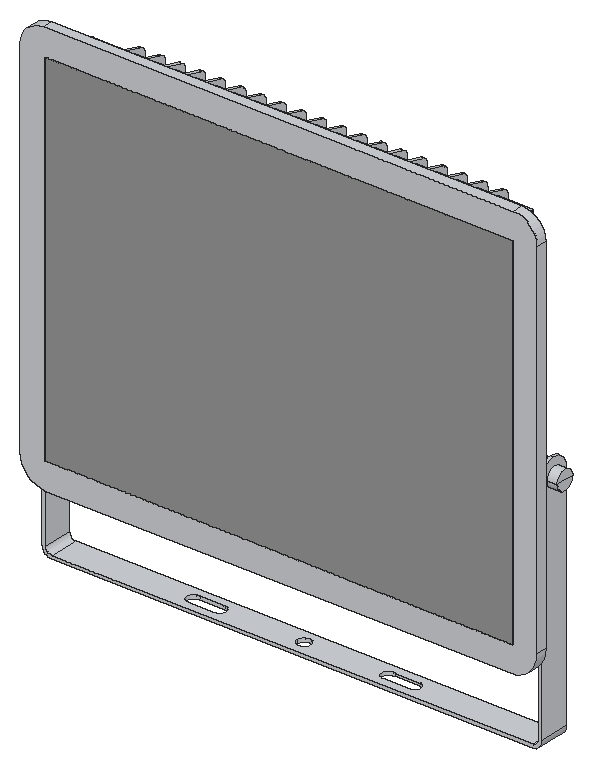
Revit family "0050122", category Lighting Fixtures, Revit 2017
Family settings
  Round Connector Dimension = Use Diameter
  Part Type = Normal
  OmniClass Number = 23.80.70.00
  OmniClass Title = Lighting
  Work Plane-Based = No
  Always vertical = Yes
  Cut with Voids When Loaded = No
  Light Source = Yes
  Shared = No
  Room Calculation Point = No
Parameters (values of type "0050122 ST FLD FLT IP65 7000LM 840 BK")
  Weight = "7.14 kg"
  Wattage = 63 W
  WarrantyStartDate [instance] = "n/a"
  WarrantyGuarantorParts = "n/a"
  WarrantyDurationUnit = "n/a"
  WarrantyDurationParts = "n/a"
  WarrantyDescription = "n/a"
  built-in parameter 1150110 = 1 (stored number, unit not read)
  Voltage = 0 V
  URL = "http://www.sylvania-lighting.com"
  TypeName = "Start Flood Flat IP65 7000LM 840 Black"
  built-in parameter 1114217 = 1 (stored number, unit not read)
  Tilt Angle = 0.00°
  built-in parameter 1150109 = 1 (stored number, unit not read)
  built-in parameter 1150134 = 12
  built-in parameter 1150113 = 1 (stored number, unit not read)
  SerialNumber [instance] = "n/a"
  PowerFactor = 0.9
  PowerConsumption = "63 W"
  Photometric Web File = "0050122.ies"
  NominalWidth = 0 mm
  NominalLength = 195 mm
  NominalHeight = 33 mm
  Name = "Start Flood Flat IP65 7000LM 840 Black"
  ModelReference = "Start Flood Flat IP65 7000LM 840 Black"
  ModelNumber = "0050122"
  Model = "Start Flood Flat IP65 7000LM 840 Black"
  Material_4_FEILO = none
  Material_3_FEILO = none
  Material_2_FEILO = Default New Material
  Material_1_FEILO = none
  Material = "n/a"
  ManufacturerName = "Feilo Sylvania"
  Manufacturer = "Feilo Sylvania"
  LuminousEfficacy = "111 lm/W"
  Lumens = 6993 lm
  LuminaireType = ""
  built-in parameter 1150115 = 1 (stored number, unit not read)
  built-in parameter 1150105 = -17637045.3 (stored number, unit not read)
  LightOutputRatio = "n/a"
  built-in parameter 1150137 = (empty or 0)
  built-in parameter 1150139 = (empty or 0)
  LampsType = "LED"
  LampNominalLuminous = "7000 lm"
  LampMacAdamStep = "5"
  LampColourTemperature = "4000 K"
  LampColourRenderingIndex = "80"
  built-in parameter 1150112 = 1 (stored number, unit not read)
  built-in parameter 1150114 = 1 (stored number, unit not read)
  Lamp = "LED"
  LUM_WIDTH_SYL = 121.5 mm  # constant formula
  LUM_HEIGHT_SYL = 97.5 mm  # constant formula
  LUM_EXTR_ST_SYL = -5 mm
  LUM_EXTR_END_SYL = 0 mm
  LUM_DEPTH_SYL = 33 mm
  Keynote = "16500"
  InstallationDate [instance] = "n/a"
  InputVoltage = "n/a"
  InputNominalFrequency = "n/a"
  built-in parameter 1150132 = 2
  built-in parameter 1150102 = (empty or 0)
  built-in parameter 1150138 = (empty or 0)
  built-in parameter 1150107 = 4000 (stored number, unit not read)
  IngressProtection = "IP65"
  ImpactProtectionIndex = "IK07"
  built-in parameter 1150106 = -176370.5 (stored number, unit not read)
  IfcExportType = "IfcLightFixtureType"
  IfcExportAs = "IfcLightFixtureType"
  ElectricShockClassification = "Class I"
  built-in parameter 1150104 = 10.312 (stored number, unit not read)
  DocumentationLiterature = "http://www.sylvania-lighting.com/product/en-int/products/0050122"
  DimmingControlOptions = "n/a"
  Dimming Lamp Color Temperature Shift = <None>
  DIF_WIDTH_SYL = 110 mm  # constant formula
  DIF_HEIGHT_SYL = 85 mm  # constant formula
  CreatedOn = "12/2/2020"
  CreatedBy = "@sylvania-lighting.com"
  Color Filter = 16777215
  ClassificationValue = "EF_70_80"
  ClassificationName = "Uniclass2015"
  CABLE_SIDE_DIST_SYL = 47 mm
  CABLE_LENGTH_SYL = 5 mm
  CABLE_FRONT_DIST_SYL = 17.5 mm
  CABLES_DIST_SYL = 160 mm
  BarCode [instance] = "n/a"
  built-in parameter 1114218 = 1 (stored number, unit not read)
  B_RAIL_R_DIST_SYL = 7 mm
  B_RAIL_HEIGHT_SYL = 27 mm
  B_RAIL_DEPTH_SYL = 44 mm
  B_RAIL_CHAMFER_SYL = 7 mm
  BRACKET_HOLDER_WIDTH_SYL = 12 mm
  BRACKET_HOLDER_HEIGHT_SYL = 17 mm
  BRACKET_HOLDER_DIST_SIDE_SYL = 2.8 mm
  BRACKET_HOLDER_DIST_BOTT_SYL = 73.5 mm
  BRACKET_HOLDER_DEPTH_SYL = 5.7 mm
  BOX_WIDTH_SYL = 104 mm
  BOX_TOP_DIST_SYL = 10.5 mm
  BOX_DEPTH_SYL = 14 mm
  BOX_BOTT_DIST_SYL = 28 mm
  BACK_RAIL_WIDTH_SYL = 1.4 mm
  BACK_RAIL_SIDE_DIST_SYL = 19 mm
  BACK_PL_EXTR_ST_SYL = -6 mm
  BACK_PL_EXTR_ST(-1)_SYL = BACK_PL_EXTR_ST_SYL * (-1)  # 6 mm
  BACK_PL_EXTR_END_SYL = -3 mm
  BACK_PL_EXTR_END(-1)_SYL = BACK_PL_EXTR_END_SYL * (-1)  # 3 mm
  built-in parameter 1150133 = 10 (stored number, unit not read)
  AssetType = "Fixed"
  AssetIdentifier [instance] = "n/a"
  Assembly Code = "D5020200"
  Apparent Load = 63 VA
  0_18W_SYL = yes
Types (10, lengths in mm): name | Wattage | TypeName | built-in parameter 1150134 | PowerConsumption | Photometric Web File | Name | ModelReference | ModelNumber | Model | LuminousEfficacy | Lumens | built-in parameter 1150105 | LampNominalLuminous | LampColourTemperature | built-in parameter 1150107 | built-in parameter 1150106 | built-in parameter 1150104 | DocumentationLiterature | Apparent Load
  0050156 ST FLD FLT IP65 10000LM 865 BK | 73 W | "Start Flood Flat IP65 10000LM 865 Black" | 1 | "73 W" | "0050156.ies" | "Start Flood Flat IP65 10000LM 865 Black" | "Start Flood Flat IP65 10000LM 865 Black" | "0050156" | "Start Flood Flat IP65 10000LM 865 Black" | "137 lm/W" | 10001 lm | -35673567 (stored number, unit not read) | "10000 lm" | "6500 K" | 6500 (stored number, unit not read) | -356735.7 (stored number, unit not read) | 12.728 (stored number, unit not read) | "http://www.sylvania-lighting.com/product/en-int/products/0050156" | 73 VA
  0050155 ST FLD FLT IP65 7000LM 865 BK | 63 W | "Start Flood Flat IP65 7000LM 865 Black" | 1 | "63 W" | "0050155.ies" | "Start Flood Flat IP65 7000LM 865 Black" | "Start Flood Flat IP65 7000LM 865 Black" | "0050155" | "Start Flood Flat IP65 7000LM 865 Black" | "111 lm/W" | 6993 lm | -17637045.3 (stored number, unit not read) | "7000 lm" | "6500 K" | 6500 (stored number, unit not read) | -176370.5 (stored number, unit not read) | 10.312 (stored number, unit not read) | "http://www.sylvania-lighting.com/product/en-int/products/0050155" | 63 VA
  0050128 ST FLD FLT IP65 10000LM 840 WH | 73 W | "Start Flood Flat IP65 10000LM 840 White" | 12 | "73 W" | "0050128.ies" | "Start Flood Flat IP65 10000LM 840 White" | "Start Flood Flat IP65 10000LM 840 White" | "0050128" | "Start Flood Flat IP65 10000LM 840 White" | "137 lm/W" | 10001 lm | -35673567 (stored number, unit not read) | "10000 lm" | "4000 K" | 4000 (stored number, unit not read) | -356735.7 (stored number, unit not read) | 12.728 (stored number, unit not read) | "http://www.sylvania-lighting.com/product/en-int/products/0050128" | 73 VA
  0050127 ST FLD FLT IP65 9300LM 830 WH | 73 W | "Start Flood Flat IP65 9300LM 830 White" | (empty or 0) | "73 W" | "0050127.ies" | "Start Flood Flat IP65 9300LM 830 White" | "Start Flood Flat IP65 9300LM 830 White" | "0050127" | "Start Flood Flat IP65 9300LM 830 White" | "127 lm/W" | 9271 lm | -30754781 (stored number, unit not read) | "9300 lm" | "3000 K" | 3000 (stored number, unit not read) | -307547.8 (stored number, unit not read) | 11.799 (stored number, unit not read) | "http://www.sylvania-lighting.com/product/en-int/products/0050127" | 73 VA
  0050126 ST FLD FLT IP65 10000LM 840 BK | 73 W | "Start Flood Flat IP65 10000LM 840 Black" | 12 | "73 W" | "0050126.ies" | "Start Flood Flat IP65 10000LM 840 Black" | "Start Flood Flat IP65 10000LM 840 Black" | "0050126" | "Start Flood Flat IP65 10000LM 840 Black" | "137 lm/W" | 10001 lm | -35673567 (stored number, unit not read) | "10000 lm" | "4000 K" | 4000 (stored number, unit not read) | -356735.7 (stored number, unit not read) | 12.728 (stored number, unit not read) | "http://www.sylvania-lighting.com/product/en-int/products/0050126" | 73 VA
  0050125 ST FLD FLT IP65 9300LM 830 BK | 73 W | "Start Flood Flat IP65 9300LM 830 Black" | (empty or 0) | "73 W" | "0050125.ies" | "Start Flood Flat IP65 9300LM 830 Black" | "Start Flood Flat IP65 9300LM 830 Black" | "0050125" | "Start Flood Flat IP65 9300LM 830 Black" | "127 lm/W" | 9271 lm | -30754781 (stored number, unit not read) | "9300 lm" | "3000 K" | 3000 (stored number, unit not read) | -307547.8 (stored number, unit not read) | 11.799 (stored number, unit not read) | "http://www.sylvania-lighting.com/product/en-int/products/0050125" | 73 VA
  0050124 ST FLD FLT IP65 7000LM 840 WH | 63 W | "Start Flood Flat IP65 7000LM 840 White" | 12 | "63 W" | "0050124.ies" | "Start Flood Flat IP65 7000LM 840 White" | "Start Flood Flat IP65 7000LM 840 White" | "0050124" | "Start Flood Flat IP65 7000LM 840 White" | "111 lm/W" | 6993 lm | -17637045.3 (stored number, unit not read) | "7000 lm" | "4000 K" | 4000 (stored number, unit not read) | -176370.5 (stored number, unit not read) | 10.312 (stored number, unit not read) | "http://www.sylvania-lighting.com/product/en-int/products/0050124" | 63 VA
  0050123 ST FLD FLT IP65 6500LM 830 WH | 63 W | "Start Flood Flat IP65 6500LM 830 White" | (empty or 0) | "63 W" | "0050123.ies" | "Start Flood Flat IP65 6500LM 830 White" | "Start Flood Flat IP65 6500LM 830 White" | "0050123" | "Start Flood Flat IP65 6500LM 830 White" | "103 lm/W" | 6489 lm | -15196913.6 (stored number, unit not read) | "6500 lm" | "3000 K" | 3000 (stored number, unit not read) | -151969.1 (stored number, unit not read) | 9.569 (stored number, unit not read) | "http://www.sylvania-lighting.com/product/en-int/products/0050123" | 63 VA
  0050122 ST FLD FLT IP65 7000LM 840 BK | 63 W | "Start Flood Flat IP65 7000LM 840 Black" | 12 | "63 W" | "0050122.ies" | "Start Flood Flat IP65 7000LM 840 Black" | "Start Flood Flat IP65 7000LM 840 Black" | "0050122" | "Start Flood Flat IP65 7000LM 840 Black" | "111 lm/W" | 6993 lm | -17637045.3 (stored number, unit not read) | "7000 lm" | "4000 K" | 4000 (stored number, unit not read) | -176370.5 (stored number, unit not read) | 10.312 (stored number, unit not read) | "http://www.sylvania-lighting.com/product/en-int/products/0050122" | 63 VA
  0050121 ST FLD FLT IP65 6500LM 830 BK | 63 W | "Start Flood Flat IP65 6500LM 830 Black" | (empty or 0) | "63 W" | "0050121.ies" | "Start Flood Flat IP65 6500LM 830 Black" | "Start Flood Flat IP65 6500LM 830 Black" | "0050121" | "Start Flood Flat IP65 6500LM 830 Black" | "103 lm/W" | 6489 lm | -15196913.6 (stored number, unit not read) | "6500 lm" | "3000 K" | 3000 (stored number, unit not read) | -151969.1 (stored number, unit not read) | 9.569 (stored number, unit not read) | "http://www.sylvania-lighting.com/product/en-int/products/0050121" | 63 VA
Reference planes
  plane 1 "Light Source Axis (F/B)": y = 0
  plane 2: z = 0
  plane 3 "Light Source Axis (L/R)": x = 0
  plane 4 "Light Source Elevation": z = -0.469
  plane 5: x = 121.5
  plane 6: x = -121.5
  plane 7: z = 97.5
  plane 8: z = -97.5
  plane 9: x = 110
  plane 10: x = -110
  plane 11: z = 85
  plane 12: z = -85
  plane 13: y = 6
  plane 14: y = 3
  plane 15: x = -104
  plane 16: x = 104
  plane 17: y = 20
  plane 18: z = 87
  plane 19: z = -69.5
  plane 20: y = 33
  plane 21: z = -24
  plane 22: z = -12
  plane 23: y = 21
  plane 24: x = 54.2
  plane 25: x = 39.5
  plane 26: x = 74.5
  plane 27: y = 14
  plane 28: z = -38
  plane 29: y = 27
  plane 30: z = -25.5
  plane 31: z = -32.5
  plane 32: x = 102.5
  plane 33: x = 101.1
  plane 34: x = 94.1
  plane 35: x = 20.8
  plane 36: x = 13.8
  plane 37: x = 12.4
  plane 38: x = 5.4
  plane 39: x = 4
  plane 40: z = -50.4
  plane 41: z = -76.1
  plane 42: x = 116
  plane 43: x = 110.3
  plane 44: x = -86
  plane 45: x = -84.6
Forms (mm)
  Extrusion 1, solid
    sketch origin (0, 0, 0) x (1, 0, 0) y (0, 0, 1)
      loop
        arc (-110.5, 97.5) -> (-118.278, 94.278) -> (-121.5, 86.5) r 11
        line (-121.5, 86.5) -> (-121.5, -85)
        arc (-121.5, -85) -> (-117.839, -93.839) -> (-109, -97.5) r 12.5
        line (-109, -97.5) -> (109, -97.5)
        arc (109, -97.5) -> (117.839, -93.839) -> (121.5, -85) r 12.5
        line (121.5, -85) -> (121.5, 86.5)
        arc (121.5, 86.5) -> (118.278, 94.278) -> (110.5, 97.5) r 11
        line (110.5, 97.5) -> (-110.5, 97.5)
      loop
        line (-110, 85) -> (-110, -85) -> (110, -85) -> (110, 85) -> (-110, 85)
    from -5 <- "LUM_EXTR_ST_SYL" to 0 <- "LUM_EXTR_END_SYL"
  Extrusion 2, solid, material "Default New Material" <- "Material_2_FEILO"
    sketch origin (0, 0, 0) x (1, 0, 0) y (0, 0, 1)
      loop
        line (-110, 85) -> (-110, -85) -> (110, -85) -> (110, 85) -> (-110, 85)
    from -3 <- "BACK_PL_EXTR_END_SYL" to 0 <- "LUM_EXTR_END_SYL"
  Extrusion 3, solid
    sketch origin (0, 0, 0) x (1, 0, 0) y (0, 0, 1)
      loop
        line (110, 85) -> (-110, 85) -> (-110, -85) -> (110, -85) -> (110, 85)
    from -6 <- "BACK_PL_EXTR_ST_SYL" to -3 <- "BACK_PL_EXTR_END_SYL"
  Extrusion 4, solid
    sketch origin (0, 0, 0) x (1, 0, 0) y (0, 1, 0)
      loop
        arc (-103, 20) -> (-103.707, 19.707) -> (-104, 19) r 1
        line (-104, 19) -> (-104, 6) -> (104, 6) -> (104, 19)
        arc (104, 19) -> (103.707, 19.707) -> (103, 20) r 1
        line (103, 20) -> (-103, 20)
    from -69.5 to 87
  Extrusion 5, solid
    sketch origin (0, 0, 0) x (1, 0, 0) y (0, 1, 0)
      loop
        arc (-91, 33) -> (-100.192, 29.192) -> (-104, 20) r 13
        line (-104, 20) -> (-104, 6) -> (104, 6) -> (104, 20)
        arc (104, 20) -> (100.192, 29.192) -> (91, 33) r 13
        line (91, 33) -> (-91, 33)
    from -85 to -43
  Extrusion 6, solid
    sketch origin (0, 0, 0) x (0, 1, 0) y (0, 0, 1)
      loop
        line (5, -12) -> (5, -24) -> (15, -24)
        arc (15, -24) -> (19.243, -22.243) -> (21, -18) r 6
        arc (21, -18) -> (19.243, -13.757) -> (15, -12) r 6
        line (15, -12) -> (5, -12)
      loop
        circle (15, -18) r 2.5
    from 110.3 to 116
  Extrusion 7, solid
    sketch origin (0, 0, 0) x (1, 0, 0) y (0, 1, 0)
      loop
        circle (-85.5, 14) r 7
      loop
        circle (74.5, 14) r 9
    from -78.208 to -92.979
  Extrusion 8, solid
    sketch origin (-75.017, 5.639, -10.469) x (0, 1, 0) y (0, 0, -1)
      loop
        line (-0.625, 59.469) -> (-0.625, -15.688) -> (-0.625, -103.168) -> (19.238, -97.469)
        arc (19.238, -97.469) -> (20.908, -96.206) -> (21.299, -94.149) r 2.911
        line (21.299, -94.149) -> (21.299, 59.469) -> (-0.625, 59.469)
    from 9.583 to 10.983
  Extrusion 9, solid
    sketch origin (0, 0, 0) x (0, 1, 0) y (0, 0, -1)
      loop
        line (5, 12) -> (15, 12)
        arc (15, 12) -> (19.243, 13.757) -> (21, 18) r 6
        arc (21, 18) -> (19.243, 22.243) -> (15, 24) r 6
        line (15, 24) -> (5, 24) -> (5, 12)
      loop
        circle (15, 18) r 2.5
    from 110.3 to 116
  Extrusion 10, solid
    sketch origin (75.017, 5.639, -10.469) x (0, 1, 0) y (0, 0, 1)
      loop
        line (-0.625, -59.469) -> (21.299, -59.469) -> (21.299, 94.149)
        arc (21.299, 94.149) -> (20.908, 96.206) -> (19.238, 97.469) r 2.911
        line (19.238, 97.469) -> (-0.625, 103.168) -> (-0.625, 15.688) -> (-0.625, -59.469)
    from 9.583 to 10.983
  Extrusion 11, solid
    sketch origin (95.583, 5.639, -10.469) x (0, 1, 0) y (0, 0, -1)
      loop
        line (-0.625, 59.469) -> (-0.625, -15.688) -> (-0.625, -103.168) -> (19.238, -97.469)
        arc (19.238, -97.469) -> (20.908, -96.206) -> (21.299, -94.149) r 2.911
        line (21.299, -94.149) -> (21.299, 59.469) -> (-0.625, 59.469)
    from 9.583 to 10.983
  Extrusion 12, solid
    sketch origin (-65.539, 5.639, -10.469) x (0, 1, 0) y (0, 0, -1)
      loop
        line (-0.625, 59.469) -> (-0.625, -15.688) -> (-0.625, -103.168) -> (19.238, -97.469)
        arc (19.238, -97.469) -> (20.908, -96.206) -> (21.299, -94.149) r 2.911
        line (21.299, -94.149) -> (21.299, 59.469) -> (-0.625, 59.469)
    from 9.583 to 10.983
  Extrusion 13, solid
    sketch origin (-56.061, 5.639, -10.469) x (0, 1, 0) y (0, 0, -1)
      loop
        line (-0.625, 59.469) -> (-0.625, -15.688) -> (-0.625, -103.168) -> (19.238, -97.469)
        arc (19.238, -97.469) -> (20.908, -96.206) -> (21.299, -94.149) r 2.911
        line (21.299, -94.149) -> (21.299, 59.469) -> (-0.625, 59.469)
    from 9.583 to 10.983
  Extrusion 14, solid
    sketch origin (-46.583, 5.639, -10.469) x (0, 1, 0) y (0, 0, -1)
      loop
        line (-0.625, 59.469) -> (-0.625, -15.688) -> (-0.625, -103.168) -> (19.238, -97.469)
        arc (19.238, -97.469) -> (20.908, -96.206) -> (21.299, -94.149) r 2.911
        line (21.299, -94.149) -> (21.299, 59.469) -> (-0.625, 59.469)
    from 9.583 to 10.983
  Extrusion 15, solid
    sketch origin (-37.106, 5.639, -10.469) x (0, 1, 0) y (0, 0, -1)
      loop
        line (-0.625, 59.469) -> (-0.625, -15.688) -> (-0.625, -103.168) -> (19.238, -97.469)
        arc (19.238, -97.469) -> (20.908, -96.206) -> (21.299, -94.149) r 2.911
        line (21.299, -94.149) -> (21.299, 59.469) -> (-0.625, 59.469)
    from 9.583 to 10.983
  Extrusion 16, solid
    sketch origin (-27.628, 5.639, -10.469) x (0, 1, 0) y (0, 0, -1)
      loop
        line (-0.625, 59.469) -> (-0.625, -15.688) -> (-0.625, -103.168) -> (19.238, -97.469)
        arc (19.238, -97.469) -> (20.908, -96.206) -> (21.299, -94.149) r 2.911
        line (21.299, -94.149) -> (21.299, 59.469) -> (-0.625, 59.469)
    from 9.583 to 10.983
  Extrusion 17, solid
    sketch origin (-18.15, 5.639, -10.469) x (0, 1, 0) y (0, 0, -1)
      loop
        line (-0.625, 59.469) -> (-0.625, -15.688) -> (-0.625, -103.168) -> (19.238, -97.469)
        arc (19.238, -97.469) -> (20.908, -96.206) -> (21.299, -94.149) r 2.911
        line (21.299, -94.149) -> (21.299, 59.469) -> (-0.625, 59.469)
    from 9.583 to 10.983
  Extrusion 18, solid
    sketch origin (-8.672, 5.639, -10.469) x (0, 1, 0) y (0, 0, -1)
      loop
        line (-0.625, 59.469) -> (-0.625, -15.688) -> (-0.625, -103.168) -> (19.238, -97.469)
        arc (19.238, -97.469) -> (20.908, -96.206) -> (21.299, -94.149) r 2.911
        line (21.299, -94.149) -> (21.299, 59.469) -> (-0.625, 59.469)
    from 9.583 to 10.983
  Extrusion 19, solid
    sketch origin (0.806, 5.639, -10.469) x (0, 1, 0) y (0, 0, -1)
      loop
        line (-0.625, 59.469) -> (-0.625, -15.688) -> (-0.625, -103.168) -> (19.238, -97.469)
        arc (19.238, -97.469) -> (20.908, -96.206) -> (21.299, -94.149) r 2.911
        line (21.299, -94.149) -> (21.299, 59.469) -> (-0.625, 59.469)
    from 9.583 to 10.983
  Extrusion 20, solid
    sketch origin (10.283, 5.639, -10.469) x (0, 1, 0) y (0, 0, -1)
      loop
        line (-0.625, 59.469) -> (-0.625, -15.688) -> (-0.625, -103.168) -> (19.238, -97.469)
        arc (19.238, -97.469) -> (20.908, -96.206) -> (21.299, -94.149) r 2.911
        line (21.299, -94.149) -> (21.299, 59.469) -> (-0.625, 59.469)
    from 9.583 to 10.983
  Extrusion 21, solid
    sketch origin (19.761, 5.639, -10.469) x (0, 1, 0) y (0, 0, -1)
      loop
        line (-0.625, 59.469) -> (-0.625, -15.688) -> (-0.625, -103.168) -> (19.238, -97.469)
        arc (19.238, -97.469) -> (20.908, -96.206) -> (21.299, -94.149) r 2.911
        line (21.299, -94.149) -> (21.299, 59.469) -> (-0.625, 59.469)
    from 9.583 to 10.983
  Extrusion 22, solid
    sketch origin (29.239, 5.639, -10.469) x (0, 1, 0) y (0, 0, -1)
      loop
        line (-0.625, 59.469) -> (-0.625, -15.688) -> (-0.625, -103.168) -> (19.238, -97.469)
        arc (19.238, -97.469) -> (20.908, -96.206) -> (21.299, -94.149) r 2.911
        line (21.299, -94.149) -> (21.299, 59.469) -> (-0.625, 59.469)
    from 9.583 to 10.983
  Extrusion 23, solid
    sketch origin (38.717, 5.639, -10.469) x (0, 1, 0) y (0, 0, -1)
      loop
        line (-0.625, 59.469) -> (-0.625, -15.688) -> (-0.625, -103.168) -> (19.238, -97.469)
        arc (19.238, -97.469) -> (20.908, -96.206) -> (21.299, -94.149) r 2.911
        line (21.299, -94.149) -> (21.299, 59.469) -> (-0.625, 59.469)
    from 9.583 to 10.983
  Extrusion 24, solid
    sketch origin (48.194, 5.639, -10.469) x (0, 1, 0) y (0, 0, -1)
      loop
        line (-0.625, 59.469) -> (-0.625, -15.688) -> (-0.625, -103.168) -> (19.238, -97.469)
        arc (19.238, -97.469) -> (20.908, -96.206) -> (21.299, -94.149) r 2.911
        line (21.299, -94.149) -> (21.299, 59.469) -> (-0.625, 59.469)
    from 9.583 to 10.983
  Extrusion 25, solid
    sketch origin (57.672, 5.639, -10.469) x (0, 1, 0) y (0, 0, -1)
      loop
        line (-0.625, 59.469) -> (-0.625, -15.688) -> (-0.625, -103.168) -> (19.238, -97.469)
        arc (19.238, -97.469) -> (20.908, -96.206) -> (21.299, -94.149) r 2.911
        line (21.299, -94.149) -> (21.299, 59.469) -> (-0.625, 59.469)
    from 9.583 to 10.983
  Extrusion 26, solid
    sketch origin (67.15, 5.639, -10.469) x (0, 1, 0) y (0, 0, -1)
      loop
        line (-0.625, 59.469) -> (-0.625, -15.688) -> (-0.625, -103.168) -> (19.238, -97.469)
        arc (19.238, -97.469) -> (20.908, -96.206) -> (21.299, -94.149) r 2.911
        line (21.299, -94.149) -> (21.299, 59.469) -> (-0.625, 59.469)
    from 9.583 to 10.983
  Extrusion 27, solid
    sketch origin (76.628, 5.639, -10.469) x (0, 1, 0) y (0, 0, -1)
      loop
        line (-0.625, 59.469) -> (-0.625, -15.688) -> (-0.625, -103.168) -> (19.238, -97.469)
        arc (19.238, -97.469) -> (20.908, -96.206) -> (21.299, -94.149) r 2.911
        line (21.299, -94.149) -> (21.299, 59.469) -> (-0.625, 59.469)
    from 9.583 to 10.983
  Extrusion 28, solid
    sketch origin (86.106, 5.639, -10.469) x (0, 1, 0) y (0, 0, -1)
      loop
        line (-0.625, 59.469) -> (-0.625, -15.688) -> (-0.625, -103.168) -> (19.238, -97.469)
        arc (19.238, -97.469) -> (20.908, -96.206) -> (21.299, -94.149) r 2.911
        line (21.299, -94.149) -> (21.299, 59.469) -> (-0.625, 59.469)
    from 9.583 to 10.983
Cuts and joins
  joined: Extrusion 1, Extrusion 3, Extrusion 4, Extrusion 5
Dimensions and locks
  "LUM_WIDTH_SYL": plane 5 to plane 3 "Light Source Axis (L/R)" to plane 6
  "LUM_HEIGHT_SYL": plane 7 to plane 2 to plane 8
  "DIF_WIDTH_SYL": plane 9 to plane 3 "Light Source Axis (L/R)" to plane 10
  "DIF_HEIGHT_SYL": plane 11 to plane 2 to plane 12
  "BACK_PL_EXTR_ST(-1)_SYL": plane 1 "Light Source Axis (F/B)" to plane 13
  "BACK_PL_EXTR_END(-1)_SYL": plane 1 "Light Source Axis (F/B)" to plane 14
  "BOX_WIDTH_SYL": plane 15 to plane 3 "Light Source Axis (L/R)" to plane 16
  "BOX_DEPTH_SYL": plane 13 to plane 17
  "BOX_TOP_DIST_SYL": plane 18 to plane 7
  "BOX_BOTT_DIST_SYL": plane 8 to plane 19
  "LUM_DEPTH_SYL": plane 1 "Light Source Axis (F/B)" to plane 20
  "BRACKET_HOLDER_DIST_BOTT_SYL": plane 21 to plane 8
  "BRACKET_HOLDER_WIDTH_SYL": plane 22 to plane 21
  cut or joined group of Extrusion 1, Extrusion 3, Extrusion 4, Extrusion 5 to plane 23 = 15 mm
  cut or joined group of Extrusion 1, Extrusion 3, Extrusion 4, Extrusion 5 to plane 24 = 67.3 mm
  plane 25 to plane 24 = 14.7 mm
  "CABLE_SIDE_DIST_SYL": plane 26 to plane 5
  cut or joined group of Extrusion 1, Extrusion 3, Extrusion 4, Extrusion 5 to plane 27 = 14 mm
  "B_RAIL_HEIGHT_SYL": plane 29 to plane 1 "Light Source Axis (F/B)"
  "B_RAIL_DEPTH_SYL": plane 30 to plane 19
  "B_RAIL_CHAMFER_SYL": plane 30 to plane 31
  "BACK_RAIL_SIDE_DIST_SYL": plane 5 to plane 32
  "BACK_RAIL_WIDTH_SYL": plane 32 to plane 33
  "B_RAIL_R_DIST_SYL": plane 33 to plane 34
  "B_RAIL_R_DIST_SYL": plane 35 to plane 36
  "BACK_RAIL_WIDTH_SYL": plane 36 to plane 37
  "BACK_RAIL_WIDTH_SYL": plane 38 to plane 39
  "B_RAIL_R_DIST_SYL": plane 37 to plane 38
  plane 34 to plane 26 = 19.6 mm
  equal spacing: group 1, group 3, group 4, group 5, group 6, group 7, group 8, group 9, group 10, group 11, group 12, group 13, group 14, group 15, group 16, group 17, group 18, group 19, group 2  (x3)
  aligned and locked: plane 4 "Light Source Elevation" to imposter light
  aligned and locked: level to plane 2
  aligned and locked: Extrusion 1 sketch curve to plane 7
  aligned and locked: plane 6 to Extrusion 1 sketch curve
  aligned and locked: plane 8 to Extrusion 1 sketch curve
  aligned and locked: Extrusion 1 sketch curve to plane 5
  aligned and locked: Extrusion 1 sketch curve to plane 11
  aligned and locked: plane 10 to Extrusion 1 sketch curve
  aligned and locked: plane 12 to Extrusion 1 sketch curve
  aligned and locked: Extrusion 1 sketch curve to plane 9
  aligned and locked: Extrusion 2 sketch curve to Extrusion 1  (x4)
  aligned and locked: Extrusion 3 sketch curve to Extrusion 1  (x4)
  aligned and locked: Extrusion 3 to Extrusion 2
  aligned and locked: plane 17 to Extrusion 4 sketch curve
  aligned and locked: plane 15 to Extrusion 4 sketch curve
  aligned and locked: Extrusion 4 sketch curve to plane 13
  aligned and locked: Extrusion 4 sketch curve to plane 16
  aligned and locked: plane 18 to Extrusion 4
  aligned and locked: Extrusion 4 to plane 19
  aligned and locked: plane 20 to Extrusion 5 sketch curve
  aligned and locked: plane 15 to Extrusion 5 sketch curve
  aligned and locked: cut or joined group of Extrusion 1, Extrusion 3, Extrusion 4, Extrusion 5 to Extrusion 5 sketch curve
  aligned and locked: Extrusion 5 sketch curve to cut or joined group of Extrusion 1, Extrusion 3, Extrusion 4, Extrusion 5
  aligned and locked: Extrusion 5 to plane 12
  aligned and locked: Extrusion 6 sketch curve to plane 22
  aligned and locked: plane 21 to Extrusion 6 sketch curve
  aligned and locked: Extrusion 6 to cut or joined group of Extrusion 1, Extrusion 3, Extrusion 4, Extrusion 5
  aligned and locked: Extrusion 6 to plane 42
  aligned and locked: plane 43 to Extrusion 6
  aligned and locked: Extrusion 8 to plane 44
  aligned and locked: Extrusion 8 to plane 45
Automatic sketch dimensions
  Extrusion 1 sketch curve to plane 12 = 0 mm  (x2)
  Extrusion 1 sketch curve to plane 10 = 0.5 mm
  Extrusion 1 sketch curve to plane 43 = 0.2 mm
  plane 15 to Extrusion 4 sketch curve = 1 mm
  plane 32 to Extrusion 4 sketch curve = 0.5 mm
  Extrusion 5 sketch curve to plane 15 = 0 mm
  plane 17 to Extrusion 5 sketch curve = 0 mm  (x2)
  Extrusion 6 sketch curve to Extrusion 6 sketch curve = 0 mm  (x5)
  Extrusion 6 sketch curve to plane 23 = 0 mm
  plane 13 to Extrusion 6 sketch curve = 1 mm
  Extrusion 7 sketch curve to plane 27 = 0 mm
  Extrusion 7 sketch curve to plane 26 = 0 mm
  plane 27 to Extrusion 7 sketch curve = 0 mm
  plane 44 to Extrusion 7 sketch curve = 0.5 mm
  Extrusion 8 sketch curve to Extrusion 8 sketch curve = 0.803 mm
  Extrusion 9 sketch curve to Extrusion 9 sketch curve = 0 mm  (x6)
  Extrusion 9 sketch curve to plane 21 = 0 mm
  Extrusion 9 sketch curve to plane 22 = 0 mm
  Extrusion 9 sketch curve to plane 23 = 0 mm
  plane 13 to Extrusion 9 sketch curve = 1 mm
  Extrusion 10 sketch curve to plane 18 = 0 mm
  Extrusion 10 sketch curve to plane 19 = 0.438 mm
  plane 13 to Extrusion 10 sketch curve = 0.986 mm
  Extrusion 10 sketch curve to plane 11 = 0.798 mm
  plane 29 to Extrusion 10 sketch curve = 2.927 mm
  Extrusion 10 sketch curve to Extrusion 10 sketch curve = 0.803 mm
  plane 29 to Extrusion 10 sketch curve = 0.062 mm
  level to Extrusion 10 sketch curve = 5.219 mm
  Extrusion 8 sketch curve to Extrusion 8 sketch curve = 19.06 mm
  Extrusion 8 sketch curve to Extrusion 8 sketch curve = 21.924 mm
  Extrusion 8 sketch curve to Extrusion 8 sketch curve = 5.699 mm
  Extrusion 8 sketch curve to Extrusion 8 sketch curve = 78.983 mm
  Extrusion 8 sketch curve to Extrusion 8 sketch curve = 75.156 mm
  Extrusion 11 sketch curve to Extrusion 11 sketch curve = 0.803 mm
  Extrusion 11 sketch curve to Extrusion 11 sketch curve = 19.06 mm
  Extrusion 11 sketch curve to Extrusion 11 sketch curve = 21.924 mm
  Extrusion 11 sketch curve to Extrusion 11 sketch curve = 5.699 mm
  Extrusion 11 sketch curve to Extrusion 11 sketch curve = 78.983 mm
  Extrusion 11 sketch curve to Extrusion 11 sketch curve = 75.156 mm
  Extrusion 12 sketch curve to Extrusion 12 sketch curve = 0.803 mm
  Extrusion 12 sketch curve to Extrusion 12 sketch curve = 19.06 mm
  Extrusion 12 sketch curve to Extrusion 12 sketch curve = 21.924 mm
  Extrusion 12 sketch curve to Extrusion 12 sketch curve = 5.699 mm
  Extrusion 12 sketch curve to Extrusion 12 sketch curve = 78.983 mm
  Extrusion 12 sketch curve to Extrusion 12 sketch curve = 75.156 mm
  Extrusion 13 sketch curve to Extrusion 13 sketch curve = 0.803 mm
  Extrusion 13 sketch curve to Extrusion 13 sketch curve = 19.06 mm
  Extrusion 13 sketch curve to Extrusion 13 sketch curve = 21.924 mm
  Extrusion 13 sketch curve to Extrusion 13 sketch curve = 5.699 mm
  Extrusion 13 sketch curve to Extrusion 13 sketch curve = 78.983 mm
  Extrusion 13 sketch curve to Extrusion 13 sketch curve = 75.156 mm
  Extrusion 14 sketch curve to Extrusion 14 sketch curve = 0.803 mm
  Extrusion 14 sketch curve to Extrusion 14 sketch curve = 19.06 mm
  Extrusion 14 sketch curve to Extrusion 14 sketch curve = 21.924 mm
  Extrusion 14 sketch curve to Extrusion 14 sketch curve = 5.699 mm
  Extrusion 14 sketch curve to Extrusion 14 sketch curve = 78.983 mm
  Extrusion 14 sketch curve to Extrusion 14 sketch curve = 75.156 mm
  Extrusion 15 sketch curve to Extrusion 15 sketch curve = 0.803 mm
  Extrusion 15 sketch curve to Extrusion 15 sketch curve = 19.06 mm
  Extrusion 15 sketch curve to Extrusion 15 sketch curve = 21.924 mm
  Extrusion 15 sketch curve to Extrusion 15 sketch curve = 5.699 mm
  Extrusion 15 sketch curve to Extrusion 15 sketch curve = 78.983 mm
  Extrusion 15 sketch curve to Extrusion 15 sketch curve = 75.156 mm
  Extrusion 16 sketch curve to Extrusion 16 sketch curve = 0.803 mm
  Extrusion 16 sketch curve to Extrusion 16 sketch curve = 19.06 mm
  Extrusion 16 sketch curve to Extrusion 16 sketch curve = 21.924 mm
  Extrusion 16 sketch curve to Extrusion 16 sketch curve = 5.699 mm
  Extrusion 16 sketch curve to Extrusion 16 sketch curve = 78.983 mm
  Extrusion 16 sketch curve to Extrusion 16 sketch curve = 75.156 mm
  Extrusion 17 sketch curve to Extrusion 17 sketch curve = 0.803 mm
  Extrusion 17 sketch curve to Extrusion 17 sketch curve = 19.06 mm
  Extrusion 17 sketch curve to Extrusion 17 sketch curve = 21.924 mm
  Extrusion 17 sketch curve to Extrusion 17 sketch curve = 5.699 mm
  Extrusion 17 sketch curve to Extrusion 17 sketch curve = 78.983 mm
  Extrusion 17 sketch curve to Extrusion 17 sketch curve = 75.156 mm
  Extrusion 18 sketch curve to Extrusion 18 sketch curve = 0.803 mm
  Extrusion 18 sketch curve to Extrusion 18 sketch curve = 19.06 mm
  Extrusion 18 sketch curve to Extrusion 18 sketch curve = 21.924 mm
  Extrusion 18 sketch curve to Extrusion 18 sketch curve = 5.699 mm
  Extrusion 18 sketch curve to Extrusion 18 sketch curve = 78.983 mm
  Extrusion 18 sketch curve to Extrusion 18 sketch curve = 75.156 mm
  Extrusion 19 sketch curve to Extrusion 19 sketch curve = 0.803 mm
  Extrusion 19 sketch curve to Extrusion 19 sketch curve = 19.06 mm
  Extrusion 19 sketch curve to Extrusion 19 sketch curve = 21.924 mm
  Extrusion 19 sketch curve to Extrusion 19 sketch curve = 5.699 mm
  Extrusion 19 sketch curve to Extrusion 19 sketch curve = 78.983 mm
  Extrusion 19 sketch curve to Extrusion 19 sketch curve = 75.156 mm
  Extrusion 20 sketch curve to Extrusion 20 sketch curve = 0.803 mm
  Extrusion 20 sketch curve to Extrusion 20 sketch curve = 19.06 mm
  Extrusion 20 sketch curve to Extrusion 20 sketch curve = 21.924 mm
  Extrusion 20 sketch curve to Extrusion 20 sketch curve = 5.699 mm
  Extrusion 20 sketch curve to Extrusion 20 sketch curve = 78.983 mm
  Extrusion 20 sketch curve to Extrusion 20 sketch curve = 75.156 mm
  Extrusion 21 sketch curve to Extrusion 21 sketch curve = 0.803 mm
  Extrusion 21 sketch curve to Extrusion 21 sketch curve = 19.06 mm
  Extrusion 21 sketch curve to Extrusion 21 sketch curve = 21.924 mm
  Extrusion 21 sketch curve to Extrusion 21 sketch curve = 5.699 mm
  Extrusion 21 sketch curve to Extrusion 21 sketch curve = 78.983 mm
  Extrusion 21 sketch curve to Extrusion 21 sketch curve = 75.156 mm
  Extrusion 22 sketch curve to Extrusion 22 sketch curve = 0.803 mm
  Extrusion 22 sketch curve to Extrusion 22 sketch curve = 19.06 mm
  Extrusion 22 sketch curve to Extrusion 22 sketch curve = 21.924 mm
  Extrusion 22 sketch curve to Extrusion 22 sketch curve = 5.699 mm
  Extrusion 22 sketch curve to Extrusion 22 sketch curve = 78.983 mm
  Extrusion 22 sketch curve to Extrusion 22 sketch curve = 75.156 mm
  Extrusion 23 sketch curve to Extrusion 23 sketch curve = 0.803 mm
  Extrusion 23 sketch curve to Extrusion 23 sketch curve = 19.06 mm
  Extrusion 23 sketch curve to Extrusion 23 sketch curve = 21.924 mm
  Extrusion 23 sketch curve to Extrusion 23 sketch curve = 5.699 mm
  Extrusion 23 sketch curve to Extrusion 23 sketch curve = 78.983 mm
  Extrusion 23 sketch curve to Extrusion 23 sketch curve = 75.156 mm
  Extrusion 24 sketch curve to Extrusion 24 sketch curve = 0.803 mm
  Extrusion 24 sketch curve to Extrusion 24 sketch curve = 19.06 mm
  Extrusion 24 sketch curve to Extrusion 24 sketch curve = 21.924 mm
  Extrusion 24 sketch curve to Extrusion 24 sketch curve = 5.699 mm
  Extrusion 24 sketch curve to Extrusion 24 sketch curve = 78.983 mm
  Extrusion 24 sketch curve to Extrusion 24 sketch curve = 75.156 mm
  Extrusion 25 sketch curve to Extrusion 25 sketch curve = 0.803 mm
  Extrusion 25 sketch curve to Extrusion 25 sketch curve = 19.06 mm
  Extrusion 25 sketch curve to Extrusion 25 sketch curve = 21.924 mm
  Extrusion 25 sketch curve to Extrusion 25 sketch curve = 5.699 mm
  Extrusion 25 sketch curve to Extrusion 25 sketch curve = 78.983 mm
  Extrusion 25 sketch curve to Extrusion 25 sketch curve = 75.156 mm
  Extrusion 26 sketch curve to Extrusion 26 sketch curve = 0.803 mm
  Extrusion 26 sketch curve to Extrusion 26 sketch curve = 19.06 mm
  Extrusion 26 sketch curve to Extrusion 26 sketch curve = 21.924 mm
  Extrusion 26 sketch curve to Extrusion 26 sketch curve = 5.699 mm
  Extrusion 26 sketch curve to Extrusion 26 sketch curve = 78.983 mm
  Extrusion 26 sketch curve to Extrusion 26 sketch curve = 75.156 mm
  Extrusion 27 sketch curve to Extrusion 27 sketch curve = 0.803 mm
  Extrusion 27 sketch curve to Extrusion 27 sketch curve = 19.06 mm
  Extrusion 27 sketch curve to Extrusion 27 sketch curve = 21.924 mm
  Extrusion 27 sketch curve to Extrusion 27 sketch curve = 5.699 mm
  Extrusion 27 sketch curve to Extrusion 27 sketch curve = 78.983 mm
  Extrusion 27 sketch curve to Extrusion 27 sketch curve = 75.156 mm
  Extrusion 28 sketch curve to Extrusion 28 sketch curve = 0.803 mm
  Extrusion 28 sketch curve to Extrusion 28 sketch curve = 19.06 mm
  Extrusion 28 sketch curve to Extrusion 28 sketch curve = 21.924 mm
  Extrusion 28 sketch curve to Extrusion 28 sketch curve = 5.699 mm
  Extrusion 28 sketch curve to Extrusion 28 sketch curve = 78.983 mm
  Extrusion 28 sketch curve to Extrusion 28 sketch curve = 75.156 mm
  radius of Extrusion 6 sketch curve = 2.5 mm
  radius of Extrusion 7 sketch curve = 7 mm
  radius of Extrusion 7 sketch curve = 9 mm
  radius of Extrusion 9 sketch curve = 2.5 mm
Nested families
  nested 1: "START Flood Flat - 63W-73W_bracket" at (0, 15, -93.438), type "START Flood Flat - 63W-73W_bracket"
  nested 2: "bolt" at (117.5, 15, -18.016), type "bolt"
  nested 3: "bolt" at (-117.5, 15, -18.016) x (-1, 0, 0) z (0, 0, 1), type "bolt"
Definition of nested family "START Flood Flat - 63W-73W_bracket"
  Parameters (values of type "START Flood Flat - 63W-73W_bracket")
    WIDTH_SYL = 235 mm
    THICKNESS_SYL = 1.5 mm
    Material_4_SYL = none
    Material_3_SYL = none
    Material_2_SYL = none
    Material_1_SYL = none
    HOLE_DIST_SYL = 12 mm
    HOLE2_DIST_SYL = 8 mm
    HEIGHT_SYL = 121 mm
    HALF_SYL = WIDTH_SYL / 2  # 117.5 mm
    FILLET_SYL = 7 mm
    DEPTH_2_SYL = -7 mm
    DEPTH_1_SYL = 7 mm
    CUTOUT_DIST_SYL = 39.8 mm
  Reference planes
    plane 1 "Center (Front/Back)": y = 0
    plane 2: z = 0
    plane 3 "Center (Left/Right)": x = 0
    plane 4: x = -117.5
    plane 5: x = 117.5
    plane 6: z = -37.5
    plane 7: z = 83.5
    plane 8: x = -116
    plane 9: z = -36
    plane 10: x = 116
    plane 11: z = 75.5
    plane 12: z = 76.5
    plane 13: x = 39.8
    plane 14: x = -39.8
    plane 15: x = 51.8
    plane 16: x = -51.8
  Forms (mm)
    Extrusion 1, solid
      sketch origin (0, 0, 0) x (1, 0, 0) y (0, 0, 1)
        loop
          arc (-117.5, -33) -> (-116.182, -36.182) -> (-113, -37.5) r 4.5
          line (-113, -37.5) -> (113, -37.5)
          arc (113, -37.5) -> (116.182, -36.182) -> (117.5, -33) r 4.5
          line (117.5, -33) -> (117.5, 83.5) -> (116, 83.5) -> (116, -33)
          arc (116, -33) -> (115.121, -35.121) -> (113, -36) r 3
          line (113, -36) -> (-113, -36)
          arc (-113, -36) -> (-115.121, -35.121) -> (-116, -33) r 3
          line (-116, -33) -> (-116, 83.5) -> (-117.5, 83.5) -> (-117.5, -33)
      from -7 <- "DEPTH_2_SYL" to 7 <- "DEPTH_1_SYL"
    Extrusion 2, void
      sketch origin (0, 0, 0) x (0, 1, 0) y (0, 0, 1)
        loop
          circle (0, 75.5) r 3.15
      from -117.5 to 117.5
    Extrusion 3, void
      sketch origin (0, 0, 0) x (0, 1, 0) y (0, 0, 1)
        loop
          line (7, 76.5) -> (14.83, 89.08) -> (-15.17, 89.08) -> (-7, 76.5)
          arc (-7, 76.5) -> (-4.95, 81.45) -> (0, 83.5) r 7
          arc (0, 83.5) -> (4.95, 81.45) -> (7, 76.5) r 7
      from -117.5 to 117.5
    Extrusion 4, void
      sketch origin (0, 0, 0) x (1, 0, 0) y (0, 1, 0)
        loop
          circle (0, 0) r 3.25
        loop
          arc (-51.8, 3.25) -> (-55.05, 0) -> (-51.8, -3.25) r 3.25
          line (-51.8, -3.25) -> (-39.8, -3.25)
          arc (-39.8, -3.25) -> (-36.55, 0) -> (-39.8, 3.25) r 3.25
          line (-39.8, 3.25) -> (-51.8, 3.25)
        loop
          line (39.8, -3.25) -> (51.8, -3.25)
          arc (51.8, -3.25) -> (55.05, 0) -> (51.8, 3.25) r 3.25
          line (51.8, 3.25) -> (39.8, 3.25)
          arc (39.8, 3.25) -> (36.55, 0) -> (39.8, -3.25) r 3.25
      from -54.767 to -28.006
  Cuts and joins
    Extrusion 2, Extrusion 3, Extrusion 4 cuts Extrusion 1
  Dimensions and locks
    "THICKNESS_SYL": plane 8 to plane 4
    "THICKNESS_SYL": plane 5 to plane 10
    "WIDTH_SYL": plane 5 to plane 4
    "HEIGHT_SYL": plane 7 to plane 6
    "FILLET_SYL": plane 7 to plane 12
    "CUTOUT_DIST_SYL": plane 14 to plane 3 "Center (Left/Right)" to plane 13
    "HOLE_DIST_SYL": plane 16 to plane 14
    "HOLE_DIST_SYL": plane 13 to plane 15
    "HOLE2_DIST_SYL": plane 7 to plane 11
    "HALF_SYL": plane 4 to plane 3 "Center (Left/Right)"
    aligned and locked: level to plane 2
    aligned and locked: plane 4 to Extrusion 1 sketch curve
    aligned and locked: plane 6 to Extrusion 1 sketch curve
    aligned and locked: Extrusion 1 sketch curve to plane 5
    aligned and locked: plane 8 to Extrusion 1 sketch curve
    aligned and locked: plane 9 to Extrusion 1 sketch curve
    aligned and locked: Extrusion 1 sketch curve to plane 10
    aligned and locked: plane 7 to Extrusion 1 sketch curve  (x2)
    aligned and locked: Extrusion 1 to Extrusion 2  (x2)
    aligned and locked: Extrusion 1 to Extrusion 3
    aligned and locked: Extrusion 3 to Extrusion 1
  Automatic sketch dimensions
    Extrusion 1 sketch curve to Extrusion 1 sketch curve = 0 mm
    plane 8 to Extrusion 1 sketch curve = 3 mm
    Extrusion 1 sketch curve to plane 10 = 3 mm
    Extrusion 1 sketch curve to Extrusion 1 sketch curve = 3 mm
    Extrusion 2 sketch curve to plane 1 "Center (Front/Back)" = 0 mm
    Extrusion 2 sketch curve to plane 11 = 0 mm
    Extrusion 3 sketch curve to Extrusion 3 sketch curve = 0 mm
    Extrusion 3 sketch curve to plane 12 = 0 mm
    Extrusion 3 sketch curve to plane 1 "Center (Front/Back)" = 0 mm
    Extrusion 3 sketch curve to plane 7 = 0 mm
    Extrusion 3 sketch curve to Extrusion 3 sketch curve = 8.17 mm
    plane 7 to Extrusion 3 sketch curve = 5.58 mm
    Extrusion 3 sketch curve to Extrusion 3 sketch curve = 7.83 mm
    plane 1 "Center (Front/Back)" to Extrusion 4 sketch curve = 0 mm  (x3)
    Extrusion 4 sketch curve to plane 16 = 0 mm
    Extrusion 4 sketch curve to plane 14 = 0 mm
    Extrusion 4 sketch curve to plane 3 "Center (Left/Right)" = 0 mm
    Extrusion 4 sketch curve to plane 13 = 0 mm
    Extrusion 4 sketch curve to plane 15 = 0 mm
    plane 1 "Center (Front/Back)" to Extrusion 4 sketch curve = 3.25 mm  (x2)
    radius of Extrusion 2 sketch curve = 3.15 mm
    radius of Extrusion 4 sketch curve = 3.25 mm
Definition of nested family "bolt"
  Parameters (values of type "bolt")
    Material_4_SYL = none
    Material_3_SYL = none
    Material_2_SYL = none
    Material_1_SYL = none
  Reference planes
    plane 1 "Center (Front/Back)": y = 0
    plane 2: z = 0
    plane 3 "Center (Left/Right)": x = 0
    plane 4: x = 5
    plane 5: x = -10
    plane 6: y = 2.5
    plane 7: y = -2.5
    plane 8: y = 4.5
    plane 9: y = -4.5
  Forms (mm)
    Revolve 1, solid
      sketch origin (0, 0, 0) x (1, 0, 0) y (0, 1, 0)
        loop
          line (5, 0) -> (-10, 0) -> (-10, -2.5) -> (0, -2.5) -> (0, -4.5) -> (5, -4.5) -> (5, 0)
        axis (5, 0) -> (-10, 0)
      angle from 0 to 360
  Dimensions and locks
    aligned and locked: level to plane 2
